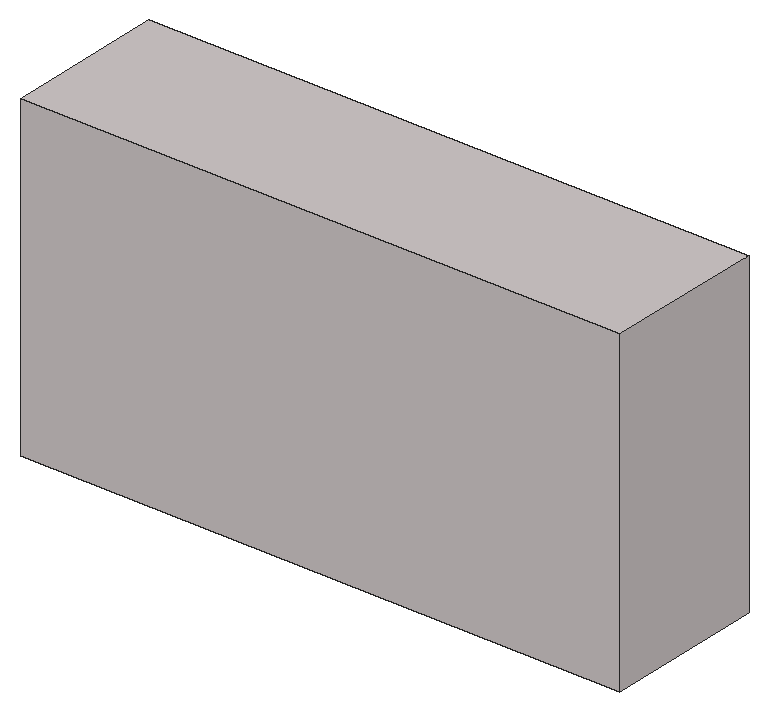
Revit family
Parameters (values of type "300 RB 600")
  시작 확장 계산 [instance] = 3012.5 mm + 시작 확장  # 3000 mm
  시작 확장 [instance] = -12.5 mm
  끝 확장 계산 [instance] = 3012.5 mm + 끝 확장  # 3000 mm
  끝 확장 [instance] = -12.5 mm
  보 재료 [instance] = 콘크리트 - 프리캐스트 콘크리트 - 35MPa
  Assembly Code = ""
  Length [instance] = 1524 mm
  b = 300 mm
  h = 600 mm
Types (3, lengths in mm): name | b | h
  (no name) | 300 | 600
  400 RB 800 | 400 | 800
  300 RB 600 | 300 | 600
Reference planes
  plane 1 "중심(앞/뒤)": y = 0
  plane 2: z = 0
  plane 3 "중심(왼쪽/오른쪽)": x = 4.61
  plane 4 "왼쪽 부재": x = -557.39
  plane 5 "오른쪽 부재": x = 566.61
  plane 6: y = 150
  plane 7: y = -150
  plane 8: z = 300
  plane 9 "하단": z = -300
  plane 10 "왼쪽": x = -757.39
  plane 11 "오른쪽": x = 766.61
  plane 12: x = -557.39
  plane 13: x = 566.61
  plane 14: x = 2442.61
  plane 15: x = -2433.39
Forms (mm)
  Sweep 1, solid, material "콘크리트 - 프리캐스트 콘크리트 - 35MPa" <- "보 재료"
    path origin (0, 0, 0) x (1, 0, 0) y (0, 1, 0)
      loop
        line (566.61, 0) -> (-557.39, 0)
    profile "M_직사각형 보-프로파일 : M_직사각형 보-프로파일" origin (4.61, 0, 0) x (0, -1, 0) y (0, 0, 1)
      loop
        line (-150, -300) -> (150, -300) -> (150, 300) -> (-150, 300) -> (-150, -300)
Dimensions and locks
  "b": plane 6 to plane 7
  equal spacing: plane 9 "하단", plane 2, plane 8
  equal spacing: plane 6, plane 1 "중심(앞/뒤)", plane 7
  "h": plane 9 "하단" to plane 8
  "Length": plane 10 "왼쪽" to plane 11 "오른쪽"
  locked: plane 4 "왼쪽 부재" to plane 14 at 3000
  locked: plane 15 to plane 5 "오른쪽 부재" at 3000
  "끝 확장 계산": plane 15 to plane 13
  "시작 확장 계산": plane 12 to plane 14
  aligned and locked: Sweep 1 sketch curve to plane 1 "중심(앞/뒤)"
  aligned and locked: plane 12 to Sweep 1 sketch curve
  aligned and locked: plane 13 to Sweep 1 sketch curve
